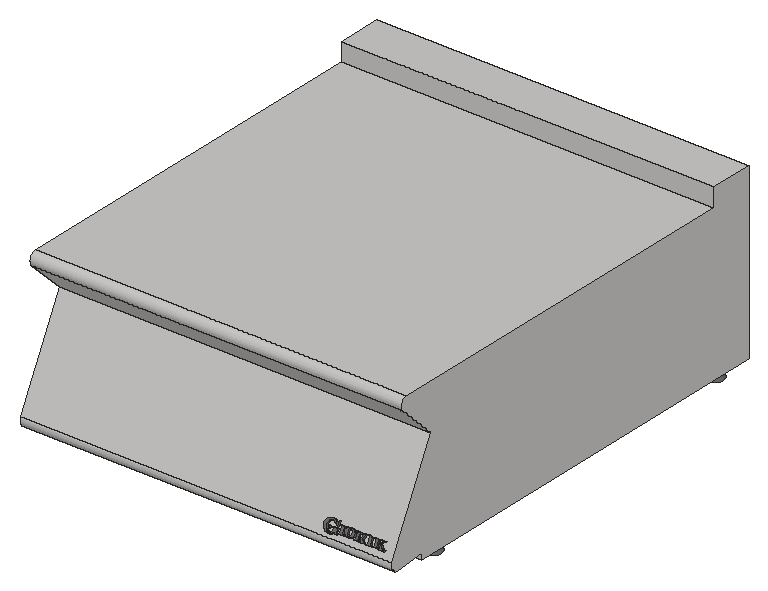
Revit family "QF_GIORIK_EN730T", category Specialty Equipment, Revit 2014
Parameters (values of type "EN730T")
  Weight in Pounds = 83.7756
  URL Cutsheet = "www.giorik.com"
  URL = "www.giorik.com"
  Status [instance] = ""
  Specification by User [instance] = ""
  Specification by Manufacturer = ""
  Show Logo [instance] = yes
  Show Clearance [instance] = yes
  Serial Number = ""
  Seismic Rating = ""
  SMACNA No = ""
  Revision Code [instance] = ""
  NAFEM Spec ID Number = ""
  Model = "EN730T"
  Masterspec = ""
  Manufacturer = "GIORIK"
  Item Number [instance] = ""
  Installed By [instance] = ""
  Identify Quantity as Lot [instance] = no
  Furnished By [instance] = ""
  Foodservice Equipment Identifier [instance] = yes
  Description = "NEUTRAL UNIT - COUNTERTOP"
  CSI MasterFormat = ""
  Assembly Code = "E1090320"
Reference planes
  plane 1 "Back": y = 0
  plane 2: z = 0
  plane 3 "Left": x = 0
  plane 4 "Right": x = 600
  plane 5 "Front": y = -720
  plane 6 "Top": z = 300
Forms (mm)
  Extrusion 1, solid, visible <- "Show Logo"
    sketch origin (391.604, -736.761, 9.486) x (-1, 0, 0) y (0, 0.452718, 0.891654)
      loop
        line (-118.824, 58.358) -> (-127.804, 58.358) -> (-125.523, 56.445) -> (-125.523, 48.027) -> (-127.804, 46.113) -> (-118.824, 46.113) -> (-121.105, 48.027) -> (-121.105, 56.445) -> (-118.824, 58.358)
      loop
        line (-163.721, 58.358) -> (-172.7, 58.358) -> (-170.42, 56.445) -> (-170.42, 48.027) -> (-172.7, 46.113) -> (-163.721, 46.113) -> (-166.001, 48.027) -> (-166.001, 56.445) -> (-163.721, 58.358)
      loop
        line (-174.332, 58.358) -> (-183.312, 58.358) -> (-181.031, 56.445) -> (-181.031, 52.435) -> (-186.419, 56.955) -> (-184.416, 58.358) -> (-191.268, 58.358) -> (-188.01, 56.839) -> (-185.455, 54.283) -> (-190.846, 47.858) -> (-193.396, 46.93) -> (-193.396, 46.113) -> (-184.416, 46.113) -> (-185.437, 47.571) -> (-182.443, 51.552) -> (-181.031, 50.894) -> (-181.031, 48.027) -> (-183.312, 46.113) -> (-174.332, 46.113) -> (-176.613, 48.027) -> (-176.613, 56.445) -> (-174.332, 58.358)
      loop
        line (-115.429, 62.063) -> (-115.429, 54.198)
        arc (-115.429, 54.198) -> (-111.618, 57.803) -> (-106.847, 59.986) r 16.039
        arc (-106.847, 59.986) -> (-103.314, 59.837) -> (-100.512, 57.68) r 5.851
        arc (-100.512, 57.68) -> (-98.815, 52.267) -> (-100.512, 46.853) r 9.479
        arc (-100.512, 46.853) -> (-102.406, 44.986) -> (-104.846, 43.93) r 7.236
        arc (-104.846, 43.93) -> (-107.728, 44.111) -> (-110.052, 45.825) r 5.11
        line (-110.052, 45.825) -> (-110.052, 52.001) -> (-116.141, 52.001) -> (-116.141, 45.503) -> (-117.893, 43.751) -> (-114.094, 44.769)
        arc (-114.094, 44.769) -> (-112.56, 44.947) -> (-111.129, 44.366) r 3.115
        arc (-111.129, 44.366) -> (-104.216, 42.091) -> (-97.303, 44.366) r 11.641
        arc (-97.303, 44.366) -> (-93.396, 52.107) -> (-97.303, 59.849) r 9.622
        arc (-97.303, 59.849) -> (-104.369, 62.174) -> (-111.435, 59.849) r 11.898
        line (-111.435, 59.849) -> (-115.429, 62.063)
      loop
        arc (-129.234, 56.068) -> (-135.893, 58.628) -> (-142.552, 56.068) r 9.941
        arc (-142.552, 56.068) -> (-144.234, 52.286) -> (-142.552, 48.505) r 5.093
        arc (-142.552, 48.505) -> (-135.893, 45.945) -> (-129.234, 48.505) r 9.941
        arc (-129.234, 48.505) -> (-127.552, 52.286) -> (-129.234, 56.068) r 5.093
      loop
        arc (-132.628, 54.403) -> (-135.893, 57.668) -> (-139.158, 54.403) r 3.265
        line (-139.158, 54.403) -> (-139.158, 50.169)
        arc (-139.158, 50.169) -> (-135.893, 46.904) -> (-132.628, 50.169) r 3.265
        line (-132.628, 50.169) -> (-132.628, 54.403)
      loop
        arc (-156.363, 58.365) -> (-159.647, 55.081) -> (-156.363, 51.796) r 3.285
        line (-156.363, 51.796) -> (-159.529, 47.306) -> (-162.087, 46.113) -> (-155.847, 46.113) -> (-153.529, 51.083) -> (-150.637, 51.083) -> (-150.637, 47.784) -> (-153.022, 46.113) -> (-144.011, 46.113) -> (-146.094, 47.68) -> (-146.094, 56.493) -> (-144.229, 58.365) -> (-156.363, 58.365)
      loop
        line (-150.637, 57.512) -> (-153.637, 57.512)
        arc (-153.637, 57.512) -> (-156.237, 54.912) -> (-153.637, 52.312) r 2.6
        line (-153.637, 52.312) -> (-150.637, 52.312) -> (-150.637, 57.512)
      loop
        line (-108.924, 52.001) -> (-104.936, 49.005) -> (-100.948, 52.001) -> (-108.924, 52.001)
    from 1.5 to -0.5
  Extrusion 2, solid
    sketch origin (0, 1000, -620) x (0, 1, 0) y (0, 0, 1)
      loop
        line (-1000, 919.988) -> (-1070, 919.988) -> (-1070, 889.988) -> (-1688.806, 889.988)
        arc (-1688.806, 889.988) -> (-1699.151, 883.075) -> (-1696.724, 870.873) r 11.197
        line (-1696.724, 870.873) -> (-1640.876, 815.025) -> (-1718.948, 661.258)
        arc (-1718.948, 661.258) -> (-1718.233, 650.105) -> (-1708.118, 645.354) r 10.981
        line (-1708.118, 645.354) -> (-1660, 649.925) -> (-1660, 640) -> (-1000, 640) -> (-1000, 919.988)
    from 0 to 600
  Extrusion 3, solid
    sketch origin (543.603, 45.293, -30) x (0, 1, 0) y (-1, 0, 0)
      loop
        circle (-79.293, 516.603) r 5
    from 41.965 to 50
  Revolve 4, solid
    sketch origin (27, 49.943, -600) x (0, 1, 0) y (0, 0, 1)
      loop
        line (-83.943, 611.965) -> (-94.752, 611.965) -> (-97.943, 600) -> (-83.943, 600) -> (-83.943, 611.965)
      axis (-83.943, 611.965) -> (-83.943, 600)
    angle from 0 to 360
  Extrusion 5, solid
    sketch origin (543.603, -524.707, -30) x (0, 1, 0) y (-1, 0, 0)
      loop
        circle (-79.293, 516.603) r 5
    from 41.965 to 50
  Revolve 6, solid
    sketch origin (27, -520.057, -600) x (0, 1, 0) y (0, 0, 1)
      loop
        line (-83.943, 611.965) -> (-94.752, 611.965) -> (-97.943, 600) -> (-83.943, 600) -> (-83.943, 611.965)
      axis (-83.943, 611.965) -> (-83.943, 600)
    angle from 0 to 360
  Extrusion 7, solid
    sketch origin (56.397, 45.293, -30) x (0, 1, 0) y (-1, 0, 0)
      loop
        circle (-79.293, -516.603) r 5
    from 41.965 to 50
  Revolve 8, solid
    sketch origin (573, 49.943, -600) x (0, 1, 0) y (0, 0, -1)
      loop
        line (-83.943, -611.965) -> (-83.943, -600) -> (-97.943, -600) -> (-94.752, -611.965) -> (-83.943, -611.965)
      axis (-83.943, -611.965) -> (-83.943, -600)
    angle from 0 to 360
  Extrusion 9, solid
    sketch origin (56.397, -524.707, -30) x (0, 1, 0) y (-1, 0, 0)
      loop
        circle (-79.293, -516.603) r 5
    from 41.965 to 50
  Revolve 10, solid
    sketch origin (573, -520.057, -600) x (0, 1, 0) y (0, 0, -1)
      loop
        line (-83.943, -611.965) -> (-83.943, -600) -> (-97.943, -600) -> (-94.752, -611.965) -> (-83.943, -611.965)
      axis (-83.943, -611.965) -> (-83.943, -600)
    angle from 0 to 360
Lines and regions (mm)
  symbolic lines, style "200-EquipBorder-2D"
    curve 1: line (0, -720, 0) -> (600, -720, 0)
    curve 2: line (600, -720, 0) -> (600, 0, 0)
    curve 3: line (600, 0, 0) -> (0, 0, 0)
    curve 4: line (0, 0, 0) -> (0, -720, 0)
  symbolic lines, style "200-EquipInternal-2D"
    curve 5: line (0, -70, 300) -> (600, -70, 300)
Dimensions and locks
  plane 3 "Left" to plane 4 "Right" = 600 mm
  plane 5 "Front" to plane 1 "Back" = 720 mm
  plane 4 "Right" to plane 3 "Left" = 600 mm
  plane 1 "Back" to plane 5 "Front" = 720 mm
  plane 6 "Top" to level = 300 mm  (x2)
  aligned and locked: level to plane 2
